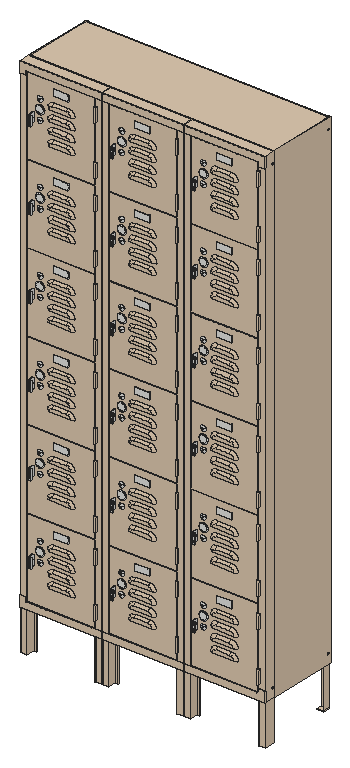
Revit family "Metal_Lockers-Salsbury_Industries-65000_66000_Series-3_Wide_Units", category Specialty Equipment, Revit 2016
Family settings
  Part Type = Normal
  Round Connector Dimension = Use Diameter
  OmniClass Number = 23.40.00.00
  OmniClass Title = Equipment and Furnishings
  Work Plane-Based = No
  Always vertical = Yes
  Cut with Voids When Loaded = No
  Shared = No
  Room Calculation Point = No
Parameters (values of type "66362 - with Standard 6" High Legs")
  Zee Base Corner - Right Side [instance] = Metal Locker Zee Base Corner : None
  Zee Base Corner - Left Side [instance] = Metal Locker Zee Base Corner : None
  Zee Base - Right Side [instance] = Metal Locker Zee Base-Right Side : None
  Zee Base - Left Side [instance] = Metal Locker Zee Base-Left Side : None
  Zee Base = Metal Locker Zee Base - 3 Wide : None
  Width = 36.040"
  Version = "2.0 (06/30/17)"
  Unit Height including Sloping Hood Only [instance] = 78.625"
  Unit Height = 72.000"
  URL = "www.lockers.com"
  Type Comments = "Standard Metal Lockers - Six Tier"
  Total Door(s) Height [instance] = 69.81949"
  Top Row of Doors = yes
  Top Compartment Divider = yes
  Sloping Top In-Line Filler - Right Side [instance] = Metal Locker Sloping Top Filler : None
  Sloping Top In-Line Filler - Left Side [instance] = Metal Locker Sloping Top Filler : None
  Sloping Top Corner Filler - Right Side [instance] = Metal Locker Sloping Corner Filler : None
  Sloping Top Corner Filler - Left Side [instance] = Metal Locker Sloping Corner Filler : None
  Sloping Hood Height = if(Depth = 12.010", 6.625", if(Depth = 15.010", 8.682", if(Depth = 18.010", 10.739", 0.000")))  # 6.625"
  Sloping Hood = Metal Locker Sloping Hood : None
  Compartment Divider Height = Individual Door Height - 0.375"  # 11.157"
  Right Side Base [instance] = Metal Locker Right Side Base : None
  Primary Structure Material [instance] = Paint - Salsbury Finish - Tan
  Overall Width including Rivets [instance] = 36.120"
  Unit Height including Base Only [instance] = 78.000"
  Overall Unit Height (including Base and Sloping Hood) [instance] = 84.625"
  OmniClass 23 Title = "Equipment and Furnishings"
  OmniClass 23 Number = "23.40.00.00"
  Model = "66362"
  MasterFormat Title = "Lockers"
  MasterFormat Number = "10 51 13"
  Manufacturer = "Salsbury Industries"
  Left Side Base [instance] = Metal Locker Left Side Base : None
  Individual Door Height = 11.532"
  Hasp Plate Rivet Material = Steel -Salsbury Finish - Polished Steel
  Hasp Handle Material = Plastic - Salsbury Finish - Black
  Front Vertical Filler - Right [instance] = Metal Locker Front Filler : None
  Front Vertical Filler - Left [instance] = Metal Locker Front Filler : None
  Front Base [instance] = Metal Locker Front Base : None
  Flat Top In-Line Filler - Right Side [instance] = Metal Locker Flat Top Filler : None
  Flat Top In-Line Filler - Left Side [instance] = Metal Locker Flat Top Filler : None
  Flat Top Corner Filler - Right Side [instance] = Metal Locker Flat Corner Filler : None
  Flat Top Corner Filler - Left Side [instance] = Metal Locker Flat Corner Filler : None
  Individual Door Width [instance] = 33.90055"
  End Panel - Right Side [instance] = Metal Locker End Panel : None
  End Panel - Left Side [instance] = Metal Locker End Panel : None
  Door Location D1 = Metal Locker Doors-12 inch with Latch Hasps : Six Tier Door - 6 foot
  Description = "3 Wide - 6 Feet High - 12 Inches Deep"
  Depth = 12.010"
  Base Height = 6.000"
  Standard Leg Base = Metal Locker Legs - 3 Wide : 6" High - 36" W x 12" D
  Assembly Code = "C1030310"
Reference planes (in)
  plane 1 "Center (Front/Back)": y = 0
  plane 2: z = 0
  plane 3 "Center (Left/Right)": x = 0
  plane 4 "Floor": z = 0
  plane 5 "Bottom of Unit": z = 6
  plane 6 "Top of Unit": z = 78
  plane 7 "Left Side of Unit": x = -18.02
  plane 8 "Right Side of Unit": x = 18.02
  plane 9 "Back of Unit": y = 6.005
  plane 10 "Front of Unit": y = -6.005
  plane 11 "Top of Sloping Hood": z = 84.625
  plane 12 "Left Rivet": x = -18.06
  plane 13 "Right Rivet": x = 18.06
  plane 14 "Right Side of Door Opening": x = 17.02
  plane 15 "Left Side of Door Opening": x = -17.02
  plane 16 "Top of Door Opening": z = 77
  plane 17 "Bottom of Door Opening": z = 7
  plane 18 "Back Edge of Front Facing": y = -4.417
  plane 19 "Front Plate Plane": y = -6.065
  plane 20 "Horizontal Center of Top Rivets": z = 76.5
  plane 21 "Horiz Center of Bottom Rivets": z = 7.5
  plane 22 "Vertical Center of Back Rivets": y = 5.505
  plane 23 "Vertical Center of Front Rivets": y = -4.755
  plane 24 "Right Align Top Filler Overlap": x = 17.435
  plane 25 "Left Align Top Filler Overlap": x = -17.435
  plane 26 "Corner Filler Align-Left": x = -18.08
  plane 27 "Corner Filler Align-Right": x = 18.08
  plane 28 "Right Side of Door": x = 16.95026
  plane 29 "Top of Door 1": z = 76.90976
  plane 30 "Bottom of Bottom Door": z = 7.09027
  plane 31 "Zee Base Offset": x = -17.669
  plane 32: x = 17.669
  plane 33 "Compartment Align 3": z = 19.157
  plane 34: x = -17.96
  plane 35: x = 17.96
  plane 36: x = -17.635
  plane 37: x = 17.635
  plane 38: y = 5.945
  plane 39: y = 5.895
  plane 40: y = 5.145
  plane 41: x = -17.9
  plane 42: x = 17.9
  plane 43: x = -17.095
  plane 44: x = 17.095
  plane 45: z = 77.94
  plane 46: z = 19.097
  plane 47: z = 18.157
  plane 48: z = 6.9204
  plane 49: z = 6.18539
  plane 50: z = 76.40796
  plane 51: z = 7.59204
  plane 52 "Right Side of Center Unit": x = 6.00667
  plane 53 "Left Side of Center Unit": x = -6.00667
  plane 54: x = 6.98167
  plane 55 "Left Side of Door Opening-Right Door": x = 7.00667
  plane 56: x = 5.03167
  plane 57 "Right Side of Door Opening-Center Door": x = 5.00667
  plane 58 "Right Side of Door - Center Door": x = 4.93667
  plane 59: x = -5.03167
  plane 60 "Left Side of Door Opening - Center Door": x = -5.00667
  plane 61: x = -6.98167
  plane 62 "Right Side of Door Opening - Left Door": x = -7.00667
  plane 63 "Right Side of Door - Left Door": x = -7.07667
  plane 64: z = 18.157
  plane 65 "Top of Door Row 3": z = 18.62227
  plane 66 "Bottom of Door Row 2": z = 18.74776
  plane 67 "Top of Door Row 2": z = 30.27976
  plane 68: z = 30.40676
  plane 69 "Compartment Align 2": z = 30.77927
  plane 70: z = 30.71927
  plane 71: z = 29.77927
  plane 72: z = 53.22076
  plane 73: z = 41.93876
  plane 74: z = 42.06376
  plane 75: z = 41.43676
  plane 76: z = 42.37676
  plane 77 "Compartment Align 1": z = 42.43676
  plane 78: z = 70.70625
  plane 79: z = 53.59576
  plane 80: z = 53.72076
  plane 81: z = 65.25276
  plane 82: z = 65.37776
  plane 83: z = 53.09576
  plane 84: z = 54.03576
  plane 85: z = 54.09576
  plane 86: z = 64.75276
  plane 87: z = 65.69276
  plane 88: z = 65.75276
  plane 89: z = 82.36525
  plane 90: z = 94.02225
Forms (in)
  Sweep 1, solid, material "Paint - Salsbury Finish - Tan" <- "Primary Structure Material"
    path origin (0, -6.005, 0) x (1, 0, 0) y (0, 0, 1)
      loop
        line (6.00667, 78) -> (6.00667, 6) -> (18.02, 6) -> (18.02, 78) -> (6.00667, 78)
    profile origin (12.01333, -6.005, 78) x (0, 0, 1) y (0, -1, 0)
      loop
        line (0, 0) -> (-1, 0) -> (-1, -1.588) -> (0, -1.588) -> (0, 0)
  Extrusion 2, solid, material "Paint - Salsbury Finish - Tan" <- "Primary Structure Material"
    sketch origin (0, 0, 6) x (0, -1, 0) y (1, 0, 0)
      loop
        line (4.417, 18.02) -> (-6.005, 18.02) -> (-6.005, 17.635) -> (-5.945, 17.635) -> (-5.945, 17.96) -> (4.417, 17.96) -> (4.417, 18.02)
    from 0 to 72
  Extrusion 3, solid, material "Paint - Salsbury Finish - Tan" <- "Primary Structure Material"
    sketch origin (0, 0, 6) x (0, -1, 0) y (1, 0, 0)
      loop
        line (4.417, -18.02) -> (4.417, -17.96) -> (-5.945, -17.96) -> (-5.945, -17.635) -> (-6.005, -17.635) -> (-6.005, -18.02) -> (4.417, -18.02)
    from 0 to 72
  Extrusion 4, solid, material "Paint - Salsbury Finish - Tan" <- "Primary Structure Material"
    sketch origin (0, 0, 6) x (0, -1, 0) y (1, 0, 0)
      loop
        line (-5.945, -17.96) -> (-5.145, -17.96) -> (-5.145, -17.9) -> (-5.895, -17.9) -> (-5.895, 17.9) -> (-5.145, 17.9) -> (-5.145, 17.96) -> (-5.945, 17.96) -> (-5.945, -17.96)
    from 0 to 72
  Sweep 5, solid, material "Paint - Salsbury Finish - Tan" <- "Primary Structure Material"
    path origin (0, 0, 7) x (0, -1, 0) y (1, 0, 0)
      loop
        line (4.417, -17.96) -> (4.417, 17.96) -> (-5.145, 17.96) -> (-5.145, 17.9) -> (-5.895, 17.9) -> (-5.895, -17.9) -> (-5.145, -17.9) -> (-5.145, -17.96) -> (4.417, -17.96)
    profile origin (-17.96, 0.364, 7) x (-1, 0, 0) y (0, 0, 1)
      loop
        line (0, -0.81461) -> (0, -0.0796) -> (-0.06, -0.0796) -> (-0.06, -0.81461) -> (0, -0.81461)
  Extrusion 6, solid, material "Paint - Salsbury Finish - Tan" <- "Primary Structure Material"
    sketch origin (0, 0, 7) x (0, -1, 0) y (1, 0, 0)
      loop
        line (-5.895, -17.9) -> (-5.145, -17.9) -> (-5.145, -17.96) -> (4.417, -17.96) -> (4.417, 17.96) -> (-5.145, 17.96) -> (-5.145, 17.9) -> (-5.895, 17.9) -> (-5.895, -17.9)
    from -0.0796 to 0
  Extrusion 7, solid, material "Paint - Salsbury Finish - Tan" <- "Primary Structure Material"
    sketch origin (0, 0, 78) x (0, -1, 0) y (1, 0, 0)
      loop
        line (-5.895, -17.9) -> (-5.145, -17.9) -> (-5.145, -17.96) -> (4.417, -17.96) -> (4.417, 17.96) -> (-5.145, 17.96) -> (-5.145, 17.9) -> (-5.895, 17.9) -> (-5.895, -17.9)
    from -0.06 to 0
  Extrusion 8, solid, material "Paint - Salsbury Finish - Tan" <- "Primary Structure Material"
    sketch origin (0, -6.065, 0) x (0, 0, -1) y (1, 0, 0)
      loop
        line (-78, -18.02) -> (-76.47656, -18.02)
        arc (-76.47656, -18.02) -> (-76.42806, -17.99991) -> (-76.40796, -17.9514) r 0.0686
        line (-76.40796, -17.9514) -> (-76.40796, -17.16351)
        arc (-76.40796, -17.16351) -> (-76.42809, -17.11506) -> (-76.47656, -17.095) r 0.0686
        line (-76.47656, -17.095) -> (-77, -17.095) -> (-77, 17.095) -> (-76.47656, 17.095)
        arc (-76.47656, 17.095) -> (-76.42809, 17.11506) -> (-76.40796, 17.16351) r 0.0686
        line (-76.40796, 17.16351) -> (-76.40796, 17.9514)
        arc (-76.40796, 17.9514) -> (-76.42806, 17.99991) -> (-76.47656, 18.02) r 0.0686
        line (-76.47656, 18.02) -> (-78, 18.02) -> (-78, -18.02)
    from -0.06 to 0
  Extrusion 9, solid, material "Paint - Salsbury Finish - Tan" <- "Primary Structure Material"
    sketch origin (0, -6.065, 84) x (0, 0, 1) y (-1, 0, 0)
      loop
        line (-78, 18.02) -> (-78, -18.02) -> (-76.47656, -18.02)
        arc (-76.47656, -18.02) -> (-76.42806, -17.99991) -> (-76.40796, -17.9514) r 0.0686
        line (-76.40796, -17.9514) -> (-76.40796, -17.16351)
        arc (-76.40796, -17.16351) -> (-76.42809, -17.11506) -> (-76.47656, -17.095) r 0.0686
        line (-76.47656, -17.095) -> (-77, -17.095) -> (-77, 17.095) -> (-76.47656, 17.095)
        arc (-76.47656, 17.095) -> (-76.42809, 17.11506) -> (-76.40796, 17.16351) r 0.0686
        line (-76.40796, 17.16351) -> (-76.40796, 17.9514)
        arc (-76.40796, 17.9514) -> (-76.42806, 17.99991) -> (-76.47656, 18.02) r 0.0686
        line (-76.47656, 18.02) -> (-78, 18.02)
    from -0.06 to 0
  Blend 10, solid, material "Steel -Salsbury Finish - Polished Steel" <- "Hasp Plate Rivet Material"
    base sketch origin (18.02, 0, 0) x (0, 0, -1) y (0, -1, 0)
      loop
        circle (-76.5, 4.755) r 0.187
    top sketch origin (18.02, 0, 0) x (0, 0, -1) y (0, -1, 0)
      loop
        circle (-76.5, 4.755) r 0.05319
    from 0 to -0.04
  Blend 11, solid, material "Steel -Salsbury Finish - Polished Steel" <- "Hasp Plate Rivet Material"
    base sketch origin (18.02, 0, -69) x (0, 0, -1) y (0, -1, 0)
      loop
        circle (-76.5, 4.755) r 0.187
    top sketch origin (18.02, 0, -69) x (0, 0, -1) y (0, -1, 0)
      loop
        circle (-76.5, 4.755) r 0.05319
    from 0 to -0.04
  Blend 12, solid, material "Steel -Salsbury Finish - Polished Steel" <- "Hasp Plate Rivet Material"
    base sketch origin (18.02, 10.26, -69) x (0, 0, -1) y (0, -1, 0)
      loop
        circle (-76.5, 4.755) r 0.187
    top sketch origin (18.02, 10.26, -69) x (0, 0, -1) y (0, -1, 0)
      loop
        circle (-76.5, 4.755) r 0.05319
    from 0 to -0.04
  Blend 13, solid, material "Steel -Salsbury Finish - Polished Steel" <- "Hasp Plate Rivet Material"
    base sketch origin (18.02, 10.26, 0.0043) x (0, 0, -1) y (0, -1, 0)
      loop
        circle (-76.5, 4.755) r 0.187
    top sketch origin (18.02, 10.26, 0.0043) x (0, 0, -1) y (0, -1, 0)
      loop
        circle (-76.5, 4.755) r 0.05319
    from 0 to -0.04
  Blend 14, solid, material "Steel -Salsbury Finish - Polished Steel" <- "Hasp Plate Rivet Material"
    base sketch origin (-6.02, 0, -69) x (0, 0, -1) y (0, 1, 0)
      loop
        circle (-76.5, -4.755) r 0.187
    top sketch origin (-6.02, 0, -69) x (0, 0, -1) y (0, 1, 0)
      loop
        circle (-76.5, -4.755) r 0.05319
    from -12 to -12.04
  Blend 15, solid, material "Steel -Salsbury Finish - Polished Steel" <- "Hasp Plate Rivet Material"
    base sketch origin (-6.02, 10.26, -69) x (0, 0, -1) y (0, 1, 0)
      loop
        circle (-76.5, -4.755) r 0.187
    top sketch origin (-6.02, 10.26, -69) x (0, 0, -1) y (0, 1, 0)
      loop
        circle (-76.5, -4.755) r 0.05319
    from -12 to -12.04
  Blend 16, solid, material "Steel -Salsbury Finish - Polished Steel" <- "Hasp Plate Rivet Material"
    base sketch origin (-6.02, 0, 0) x (0, 0, -1) y (0, 1, 0)
      loop
        circle (-76.5, -4.755) r 0.187
    top sketch origin (-6.02, 0, 0) x (0, 0, -1) y (0, 1, 0)
      loop
        circle (-76.5, -4.755) r 0.05319
    from -12 to -12.04
  Blend 17, solid, material "Steel -Salsbury Finish - Polished Steel" <- "Hasp Plate Rivet Material"
    base sketch origin (-6.02, 10.26, 0.00039) x (0, 0, -1) y (0, 1, 0)
      loop
        circle (-76.5, -4.755) r 0.187
    top sketch origin (-6.02, 10.26, 0.00039) x (0, 0, -1) y (0, 1, 0)
      loop
        circle (-76.5, -4.755) r 0.05319
    from -12 to -12.04
  Extrusion 18, solid, material "Paint - Salsbury Finish - Tan" <- "Primary Structure Material"
    sketch origin (0, 0, 19.157) x (0, -1, 0) y (1, 0, 0)
      loop
        line (-5.945, -17.9) -> (-5.145, -17.9) -> (-5.145, -17.96) -> (4.417, -17.96) -> (4.417, 17.96) -> (-5.145, 17.96) -> (-5.145, 17.9) -> (-5.945, 17.9) -> (-5.945, -17.9)
    from -0.06 to 0
  Sweep 19, solid, material "Paint - Salsbury Finish - Tan" <- "Primary Structure Material"
    path origin (0, 0, 19.157) x (0, -1, 0) y (1, 0, 0)
      loop
        line (4.417, -17.96) -> (4.417, 17.96) -> (-5.145, 17.96) -> (-5.145, 17.9) -> (-5.945, 17.9) -> (-5.945, -17.9) -> (-5.145, -17.9) -> (-5.145, -17.96) -> (4.417, -17.96)
    profile origin (-17.96, 0.364, 19.157) x (-1, 0, 0) y (0, 0, 1)
      loop
        line (0, -1) -> (0, -0.06) -> (-0.06, -0.06) -> (-0.06, -1) -> (0, -1)
  Sweep 20, solid, material "Paint - Salsbury Finish - Tan" <- "Primary Structure Material"
    path origin (-12.01333, -6.005, 0) x (1, 0, 0) y (0, 0, 1)
      loop
        line (6.00667, 78) -> (6.00667, 6) -> (18.02, 6) -> (18.02, 78) -> (6.00667, 78)
    profile origin (0, -6.005, 78) x (0, 0, 1) y (0, -1, 0)
      loop
        line (0, 0) -> (-1, 0) -> (-1, -1.588) -> (0, -1.588) -> (0, 0)
  Sweep 21, solid, material "Paint - Salsbury Finish - Tan" <- "Primary Structure Material"
    path origin (-24.02667, -6.005, 0) x (1, 0, 0) y (0, 0, 1)
      loop
        line (6.00667, 78) -> (6.00667, 6) -> (18.02, 6) -> (18.02, 78) -> (6.00667, 78)
    profile origin (-12.01333, -6.005, 78) x (0, 0, 1) y (0, -1, 0)
      loop
        line (0, 0) -> (-1, 0) -> (-1, -1.588) -> (0, -1.588) -> (0, 0)
  Extrusion 22, solid, material "Paint - Salsbury Finish - Tan" <- "Primary Structure Material"
    sketch origin (0, 0, 30.77927) x (0, -1, 0) y (1, 0, 0)
      loop
        line (-5.945, -17.9) -> (-5.145, -17.9) -> (-5.145, -17.96) -> (4.417, -17.96) -> (4.417, 17.96) -> (-5.145, 17.96) -> (-5.145, 17.9) -> (-5.945, 17.9) -> (-5.945, -17.9)
    from -0.06 to 0
  Sweep 23, solid, material "Paint - Salsbury Finish - Tan" <- "Primary Structure Material"
    path origin (0, 0, 30.77927) x (0, -1, 0) y (1, 0, 0)
      loop
        line (4.417, -17.96) -> (4.417, 17.96) -> (-5.145, 17.96) -> (-5.145, 17.9) -> (-5.945, 17.9) -> (-5.945, -17.9) -> (-5.145, -17.9) -> (-5.145, -17.96) -> (4.417, -17.96)
    profile origin (-17.96, 0.364, 30.77927) x (-1, 0, 0) y (0, 0, 1)
      loop
        line (0, -1) -> (0, -0.06) -> (-0.06, -0.06) -> (-0.06, -1) -> (0, -1)
  Extrusion 24, solid, material "Paint - Salsbury Finish - Tan" <- "Primary Structure Material"
    sketch origin (0, 0, 42.43676) x (0, -1, 0) y (1, 0, 0)
      loop
        line (-5.945, -17.9) -> (-5.145, -17.9) -> (-5.145, -17.96) -> (4.417, -17.96) -> (4.417, 17.96) -> (-5.145, 17.96) -> (-5.145, 17.9) -> (-5.945, 17.9) -> (-5.945, -17.9)
    from -0.06 to 0
  Sweep 25, solid, material "Paint - Salsbury Finish - Tan" <- "Primary Structure Material"
    path origin (0, 0, 42.43676) x (0, -1, 0) y (1, 0, 0)
      loop
        line (4.417, -17.96) -> (4.417, 17.96) -> (-5.145, 17.96) -> (-5.145, 17.9) -> (-5.945, 17.9) -> (-5.945, -17.9) -> (-5.145, -17.9) -> (-5.145, -17.96) -> (4.417, -17.96)
    profile origin (-17.96, 0.364, 42.43676) x (-1, 0, 0) y (0, 0, 1)
      loop
        line (0, -1) -> (0, -0.06) -> (-0.06, -0.06) -> (-0.06, -1) -> (0, -1)
  Extrusion 26, solid, material "Paint - Salsbury Finish - Tan" <- "Primary Structure Material"
    sketch origin (0, 0, 54.09576) x (0, -1, 0) y (1, 0, 0)
      loop
        line (-5.945, -17.9) -> (-5.145, -17.9) -> (-5.145, -17.96) -> (4.417, -17.96) -> (4.417, 17.96) -> (-5.145, 17.96) -> (-5.145, 17.9) -> (-5.945, 17.9) -> (-5.945, -17.9)
    from -0.06 to 0
  Sweep 27, solid, material "Paint - Salsbury Finish - Tan" <- "Primary Structure Material"
    path origin (0, 0, 54.09576) x (0, -1, 0) y (1, 0, 0)
      loop
        line (4.417, -17.96) -> (4.417, 17.96) -> (-5.145, 17.96) -> (-5.145, 17.9) -> (-5.945, 17.9) -> (-5.945, -17.9) -> (-5.145, -17.9) -> (-5.145, -17.96) -> (4.417, -17.96)
    profile origin (-17.96, 0.364, 54.09576) x (-1, 0, 0) y (0, 0, 1)
      loop
        line (0, -1) -> (0, -0.06) -> (-0.06, -0.06) -> (-0.06, -1) -> (0, -1)
  Extrusion 28, solid, material "Paint - Salsbury Finish - Tan" <- "Primary Structure Material", visible <- "Top Compartment Divider"
    sketch origin (0, 0, 65.75276) x (0, -1, 0) y (1, 0, 0)
      loop
        line (-5.945, -17.9) -> (-5.145, -17.9) -> (-5.145, -17.96) -> (4.417, -17.96) -> (4.417, 17.96) -> (-5.145, 17.96) -> (-5.145, 17.9) -> (-5.945, 17.9) -> (-5.945, -17.9)
    from -0.06 to 0
  Sweep 29, solid, material "Paint - Salsbury Finish - Tan" <- "Primary Structure Material", visible <- "Top Compartment Divider"
    path origin (0, 0, 65.75276) x (0, -1, 0) y (1, 0, 0)
      loop
        line (4.417, -17.96) -> (4.417, 17.96) -> (-5.145, 17.96) -> (-5.145, 17.9) -> (-5.945, 17.9) -> (-5.945, -17.9) -> (-5.145, -17.9) -> (-5.145, -17.96) -> (4.417, -17.96)
    profile origin (-17.96, 0.364, 65.75276) x (-1, 0, 0) y (0, 0, 1)
      loop
        line (0, -1) -> (0, -0.06) -> (-0.06, -0.06) -> (-0.06, -1) -> (0, -1)
Lines and regions (in)
  reference lines
    curve 1: line (-41.59242, -6.065, 78) -> (48.15758, -6.065, 78)
  symbolic lines
    curve 2: line (-18.02, 6.005, 78) -> (18.02, 6.005, 78)
    curve 3: line (-18.02, -6.065, 78) -> (-18.02, 6.005, 78)
    curve 4: line (18.02, -6.065, 78) -> (-18.02, -6.065, 78)
    curve 5: line (18.02, 6.005, 78) -> (18.02, -6.065, 78)
    curve 6: line (-18.06, -4.80819, 78) -> (-18.02, -4.91809, 78)
    curve 7: line (-18.02, -4.58043, 78) -> (-18.06, -4.70181, 78)
    curve 8: line (-18.06, -4.80819, 78) -> (-18.06, -4.70181, 78)
    curve 9: line (-18.06, 5.45181, 78) -> (-18.02, 5.31077, 78)
    curve 10: line (-18.06, 5.55819, 78) -> (-18.02, 5.68474, 78)
    curve 11: line (-18.06, 5.55819, 78) -> (-18.06, 5.45181, 78)
    curve 12: line (18.06, 5.55819, 78) -> (18.02, 5.70747, 78)
    curve 13: line (18.06, 5.45181, 78) -> (18.02, 5.3179, 78)
    curve 14: line (18.06, 5.55819, 78) -> (18.06, 5.45181, 78)
    curve 15: line (18.06, -4.70181, 78) -> (18.02, -4.57098, 78)
    curve 16: line (18.06, -4.80819, 78) -> (18.02, -4.94769, 78)
    curve 17: line (18.06, -4.70181, 78) -> (18.06, -4.80819, 78)
  model lines
    curve 18: line (6.00667, 6.005, 6) -> (6.00667, 6.005, 78)
    curve 19: line (-6.00667, 6.005, 6) -> (-6.00667, 6.005, 78)
    curve 20: line (-6.00667, 5.945, 78) -> (-6.00667, -6.065, 78)
    curve 21: line (6.00667, 5.945, 78) -> (6.00667, -6.065, 78)
Dimensions and locks (in)
  equal spacing: plane 7 "Left Side of Unit", plane 53 "Left Side of Center Unit", plane 52 "Right Side of Center Unit", plane 8 "Right Side of Unit"
  "Width": plane 7 "Left Side of Unit" to plane 8 "Right Side of Unit"
  "Base Height": plane 5 "Bottom of Unit" to plane 4 "Floor"
  "Unit Height": plane 6 "Top of Unit" to plane 5 "Bottom of Unit"
  "Unit Height including Base Only": plane 6 "Top of Unit" to plane 4 "Floor"
  equal spacing: plane 10 "Front of Unit", plane 1 "Center (Front/Back)", plane 9 "Back of Unit"
  "Depth": plane 10 "Front of Unit" to plane 9 "Back of Unit"
  "Sloping Hood Height": plane 11 "Top of Sloping Hood" to plane 6 "Top of Unit"
  "Overall Unit Height (including Base and Sloping Hood)": plane 11 "Top of Sloping Hood" to plane 4 "Floor"
  locked: plane 12 "Left Rivet" to plane 7 "Left Side of Unit" at 0.04
  locked: plane 8 "Right Side of Unit" to plane 13 "Right Rivet" at 0.04
  "Overall Width including Rivets": plane 12 "Left Rivet" to plane 13 "Right Rivet"
  plane 6 "Top of Unit" to plane 16 "Top of Door Opening" to plane 29 "Top of Door 1" to plane 50 = 1.000" locked, 0.09024", 0.5018"
  plane 51 to plane 30 "Bottom of Bottom Door" to plane 17 "Bottom of Door Opening" to plane 5 "Bottom of Unit" = 0.50177", 0.09027", 1.000" locked
  locked: plane 7 "Left Side of Unit" to plane 15 "Left Side of Door Opening" at 1
  plane 28 "Right Side of Door" to plane 14 "Right Side of Door Opening" to plane 8 "Right Side of Unit" = 0.06974", 1.000" locked
  plane 19 "Front Plate Plane" to plane 10 "Front of Unit" to plane 18 "Back Edge of Front Facing" = 0.060" locked, 1.588" locked
  "Unit Height including Sloping Hood Only": plane 11 "Top of Sloping Hood" to plane 5 "Bottom of Unit"
  locked: plane 20 "Horizontal Center of Top Rivets" to plane 6 "Top of Unit" at 1.5
  locked: plane 5 "Bottom of Unit" to plane 21 "Horiz Center of Bottom Rivets" at 1.5
  locked: plane 22 "Vertical Center of Back Rivets" to plane 9 "Back of Unit" at 0.5
  locked: plane 10 "Front of Unit" to plane 23 "Vertical Center of Front Rivets" at 1.25
  locked: plane 24 "Right Align Top Filler Overlap" to plane 13 "Right Rivet" at 0.625
  locked: plane 12 "Left Rivet" to plane 25 "Left Align Top Filler Overlap" at 0.625
  locked: plane 8 "Right Side of Unit" to plane 27 "Corner Filler Align-Right" at 0.06
  locked: plane 26 "Corner Filler Align-Left" to plane 7 "Left Side of Unit" at 0.06
  "Total Door(s) Height": plane 29 "Top of Door 1" to plane 30 "Bottom of Bottom Door"
  plane 7 "Left Side of Unit" to plane 31 "Zee Base Offset" = 0.351"
  plane 32 to plane 8 "Right Side of Unit" = 0.351"
  plane 33 "Compartment Align 3" to plane 46 to plane 64 = 0.060" locked, 0.940" locked
  plane 7 "Left Side of Unit" to plane 34 to plane 41 to plane 36 = 0.060" locked, 0.060" locked, 0.265" locked
  plane 37 to plane 42 to plane 35 to plane 8 "Right Side of Unit" = 0.265" locked, 0.060", 0.060"
  plane 40 to plane 39 to plane 38 to plane 9 "Back of Unit" = 0.750" locked, 0.050", 0.060"
  locked: plane 7 "Left Side of Unit" to plane 43 at 0.925
  locked: plane 44 to plane 8 "Right Side of Unit" at 0.925
  locked: plane 6 "Top of Unit" to plane 45 at 0.06
  plane 46 to plane 47 = 0.940"
  locked: plane 17 "Bottom of Door Opening" to plane 48 at 0.0796
  plane 48 to plane 49 = 0.73501"
  plane 58 "Right Side of Door - Center Door" to plane 57 "Right Side of Door Opening-Center Door" to plane 56 to plane 52 "Right Side of Center Unit" to plane 54 to plane 55 "Left Side of Door Opening-Right Door" = 0.070", 0.025", 0.975", 0.975", 0.025"
  plane 63 "Right Side of Door - Left Door" to plane 62 "Right Side of Door Opening - Left Door" to plane 61 to plane 53 "Left Side of Center Unit" to plane 59 to plane 60 "Left Side of Door Opening - Center Door" = 0.070", 0.025", 0.975", 0.975", 0.025"
  "Individual Door Height": plane 65 "Top of Door Row 3" to plane 30 "Bottom of Bottom Door"
  "Compartment Divider Height": plane 64 to plane 17 "Bottom of Door Opening"
  locked: plane 66 "Bottom of Door Row 2" to plane 65 "Top of Door Row 3" at 0.12549
  "Individual Door Height": plane 67 "Top of Door Row 2" to plane 66 "Bottom of Door Row 2"
  locked: plane 68 to plane 67 "Top of Door Row 2" at 0.127
  plane 69 "Compartment Align 2" to plane 70 to plane 71 = 0.060" locked, 0.940" locked
  "Compartment Divider Height": plane 71 to plane 65 "Top of Door Row 3"
  "Individual Door Height": plane 73 to plane 68
  locked: plane 74 to plane 73 at 0.125
  "Compartment Divider Height": plane 75 to plane 67 "Top of Door Row 2"
  plane 77 "Compartment Align 1" to plane 76 to plane 75 = 0.060" locked, 0.940" locked
  locked: plane 80 to plane 79 at 0.125
  locked: plane 82 to plane 81 at 0.125
  "Individual Door Height": plane 79 to plane 74
  "Individual Door Height": plane 81 to plane 80
  "Compartment Divider Height": plane 83 to plane 73
  "Compartment Divider Height": plane 86 to plane 79
  plane 85 to plane 84 to plane 83 = 0.060" locked, 0.940" locked
  plane 88 to plane 87 to plane 86 = 0.060" locked, 0.940" locked
  aligned and locked: level to plane 2
  aligned and locked: Extrusion 2 to plane 6 "Top of Unit"
  aligned and locked: Extrusion 3 to plane 6 "Top of Unit"
  aligned and locked: Extrusion 4 to plane 6 "Top of Unit"
  aligned and locked: Extrusion 8 to plane 10 "Front of Unit"
  aligned and locked: Extrusion 9 to plane 10 "Front of Unit"
  aligned and locked: Extrusion 6 to plane 17 "Bottom of Door Opening"
  aligned and locked: plane 4 "Floor" to nested 2
  aligned and locked: plane 5 "Bottom of Unit" to Extrusion 9
  aligned and locked: plane 8 "Right Side of Unit" to nested 6
  aligned and locked: plane 7 "Left Side of Unit" to nested 7
  aligned and locked: Blend 10 to plane 13 "Right Rivet"
  aligned and locked: plane 8 "Right Side of Unit" to Blend 10
  aligned and locked: Blend 15 to plane 7 "Left Side of Unit"
  aligned and locked: Blend 14 to plane 7 "Left Side of Unit"  (x2)
  aligned and locked: plane 12 "Left Rivet" to Blend 14
  aligned and locked: plane 12 "Left Rivet" to Blend 15
  aligned and locked: Blend 14 to plane 12 "Left Rivet"
  aligned and locked: Blend 17 to plane 7 "Left Side of Unit"
  aligned and locked: plane 12 "Left Rivet" to Blend 17
  aligned and locked: Blend 16 to plane 7 "Left Side of Unit"
  aligned and locked: plane 12 "Left Rivet" to Blend 16
  aligned and locked: plane 5 "Bottom of Unit" to nested 10
  aligned and locked: plane 13 "Right Rivet" to nested 10
  aligned and locked: plane 12 "Left Rivet" to nested 11
  aligned and locked: nested 11 to plane 10 "Front of Unit"
  aligned and locked: plane 13 "Right Rivet" to nested 12
  aligned and locked: plane 10 "Front of Unit" to nested 12
  aligned and locked: plane 6 "Top of Unit" to nested 12
  aligned and locked: plane 12 "Left Rivet" to nested 13
  aligned and locked: plane 10 "Front of Unit" to nested 13
  aligned and locked: plane 6 "Top of Unit" to nested 13
  aligned and locked: plane 6 "Top of Unit" to nested 14
  aligned and locked: nested 14 to plane 19 "Front Plate Plane"
  aligned and locked: nested 14 to plane 24 "Right Align Top Filler Overlap"
  aligned and locked: nested 15 to plane 25 "Left Align Top Filler Overlap"
  aligned and locked: nested 15 to plane 19 "Front Plate Plane"
  aligned and locked: nested 10 to nested 15
  aligned and locked: plane 19 "Front Plate Plane" to nested 16
  aligned and locked: plane 6 "Top of Unit" to nested 16
  aligned and locked: nested 17 to plane 6 "Top of Unit"
  aligned and locked: nested 17 to plane 19 "Front Plate Plane"
  aligned and locked: nested 18 to plane 24 "Right Align Top Filler Overlap"
  aligned and locked: nested 18 to plane 19 "Front Plate Plane"
  aligned and locked: plane 16 "Top of Door Opening" to nested 18
  aligned and locked: nested 19 to plane 16 "Top of Door Opening"
  aligned and locked: nested 19 to plane 25 "Left Align Top Filler Overlap"
  aligned and locked: nested 19 to plane 19 "Front Plate Plane"
  aligned and locked: nested 11 to plane 6 "Top of Unit"
  aligned and locked: plane 10 "Front of Unit" to nested 10
  aligned and locked: plane 10 "Front of Unit" to nested 22
  aligned and locked: plane 10 "Front of Unit" to nested 1
  aligned and locked: plane 10 "Front of Unit" to nested 2
  aligned and locked: plane 7 "Left Side of Unit" to nested 17
  aligned and locked: plane 31 "Zee Base Offset" to nested 9
  aligned and locked: plane 18 "Back Edge of Front Facing" to nested 9
  aligned and locked: nested 8 to plane 18 "Back Edge of Front Facing"
  aligned and locked: plane 32 to nested 8
  aligned and locked: nested 21 to curve 1
  aligned and locked: nested 20 to curve 1
  aligned and locked: Sweep 19 sketch curve to Extrusion 18
  aligned and locked: plane 7 "Left Side of Unit" to Extrusion 3
  aligned and locked: Extrusion 3 to plane 9 "Back of Unit"
  aligned and locked: Extrusion 2 to plane 8 "Right Side of Unit"
  aligned and locked: Extrusion 2 to plane 9 "Back of Unit"
  aligned and locked: plane 18 "Back Edge of Front Facing" to Extrusion 3
  aligned and locked: plane 18 "Back Edge of Front Facing" to Extrusion 2
  aligned and locked: plane 34 to Extrusion 3
  aligned and locked: plane 35 to Extrusion 2
  aligned and locked: plane 36 to Extrusion 3
  aligned and locked: plane 37 to Extrusion 2
  aligned and locked: Extrusion 3 to plane 38
  aligned and locked: plane 38 to Extrusion 2
  aligned and locked: Extrusion 4 to plane 38
  aligned and locked: Extrusion 4 to plane 39
  aligned and locked: plane 34 to Extrusion 4
  aligned and locked: plane 40 to Extrusion 4  (x2)
  aligned and locked: plane 41 to Extrusion 4
  aligned and locked: plane 42 to Extrusion 4
  aligned and locked: Extrusion 7 to plane 39
  aligned and locked: plane 41 to Extrusion 7
  aligned and locked: plane 34 to Extrusion 7  (x2)
  aligned and locked: Extrusion 7 to plane 40  (x2)
  aligned and locked: Extrusion 7 to plane 42
  aligned and locked: Extrusion 7 to plane 35  (x2)
  aligned and locked: plane 18 "Back Edge of Front Facing" to Extrusion 7
  aligned and locked: plane 18 "Back Edge of Front Facing" to Extrusion 6
  aligned and locked: Extrusion 6 to plane 39
  aligned and locked: Extrusion 6 to plane 42
  aligned and locked: Extrusion 6 to plane 40  (x2)
  aligned and locked: Extrusion 6 to plane 35
  aligned and locked: plane 41 to Extrusion 6
  aligned and locked: plane 34 to Extrusion 6
  aligned and locked: Sweep 5 to plane 39
  aligned and locked: Sweep 5 to plane 40  (x2)
  aligned and locked: Sweep 5 to plane 42
  aligned and locked: Sweep 5 to plane 35
  aligned and locked: plane 18 "Back Edge of Front Facing" to Sweep 5
  aligned and locked: plane 34 to Sweep 5
  aligned and locked: plane 41 to Sweep 5
  aligned and locked: Sweep 5 sketch curve to plane 41
  aligned and locked: Sweep 5 sketch curve to plane 39
  aligned and locked: plane 40 to Sweep 5 sketch curve  (x2)
  aligned and locked: Sweep 5 sketch curve to plane 34  (x2)
  aligned and locked: plane 42 to Sweep 5 sketch curve
  aligned and locked: plane 35 to Sweep 5 sketch curve
  aligned and locked: Sweep 5 sketch curve to plane 18 "Back Edge of Front Facing"
  aligned and locked: Extrusion 18 to plane 42
  aligned and locked: Extrusion 18 to plane 40  (x2)
  aligned and locked: Extrusion 18 to plane 35
  aligned and locked: plane 18 "Back Edge of Front Facing" to Extrusion 18
  aligned and locked: plane 34 to Extrusion 18
  aligned and locked: plane 41 to Extrusion 18
  aligned and locked: plane 42 to Sweep 19 sketch curve
  aligned and locked: plane 40 to Sweep 19 sketch curve  (x2)
  aligned and locked: plane 35 to Sweep 19 sketch curve
  aligned and locked: Sweep 19 sketch curve to plane 18 "Back Edge of Front Facing"
  aligned and locked: Sweep 19 sketch curve to plane 34  (x2)
  aligned and locked: Sweep 19 sketch curve to plane 41
  aligned and locked: plane 6 "Top of Unit" to Sweep 1 sketch curve  (x2)
  aligned and locked: plane 8 "Right Side of Unit" to Sweep 1 sketch curve
  aligned and locked: Sweep 1 sketch curve to plane 5 "Bottom of Unit"
  aligned and locked: plane 10 "Front of Unit" to Sweep 1
  aligned and locked: Extrusion 8 to plane 19 "Front Plate Plane"
  aligned and locked: plane 10 "Front of Unit" to Extrusion 8
  aligned and locked: Extrusion 8 to plane 8 "Right Side of Unit"
  aligned and locked: plane 7 "Left Side of Unit" to Extrusion 8
  aligned and locked: plane 7 "Left Side of Unit" to Extrusion 9
  aligned and locked: plane 19 "Front Plate Plane" to Extrusion 9
  aligned and locked: Extrusion 9 to plane 8 "Right Side of Unit"
  aligned and locked: plane 43 to Extrusion 9
  aligned and locked: plane 44 to Extrusion 9
  aligned and locked: plane 44 to Extrusion 8
  aligned and locked: Extrusion 8 to plane 43
  aligned and locked: plane 28 "Right Side of Door" to nested 22
  aligned and locked: plane 18 "Back Edge of Front Facing" to Sweep 1 sketch curve
  aligned and locked: Sweep 1 sketch curve to plane 16 "Top of Door Opening"
  aligned and locked: Sweep 1 sketch curve to plane 10 "Front of Unit"
  aligned and locked: plane 5 "Bottom of Unit" to Extrusion 4
  aligned and locked: Extrusion 4 to plane 35
  aligned and locked: plane 5 "Bottom of Unit" to Extrusion 3
  aligned and locked: plane 5 "Bottom of Unit" to Extrusion 2
  aligned and locked: Extrusion 7 to plane 6 "Top of Unit"
  aligned and locked: plane 45 to Extrusion 7
  aligned and locked: Extrusion 18 to plane 33 "Compartment Align 3"
  aligned and locked: Extrusion 18 to plane 46
  aligned and locked: plane 41 to Sweep 19 sketch curve
  aligned and locked: plane 47 to Sweep 19 sketch curve
  aligned and locked: Extrusion 6 to plane 48
  aligned and locked: Sweep 5 to plane 48
  aligned and locked: Sweep 5 sketch curve to plane 49
  aligned and locked: Sweep 5 sketch curve to plane 48
  aligned and locked: plane 41 to Sweep 5 sketch curve
  aligned and locked: plane 50 to Extrusion 8
  aligned and locked: Extrusion 8 to plane 50
  aligned and locked: Extrusion 8 to plane 6 "Top of Unit"
  aligned and locked: plane 16 "Top of Door Opening" to Extrusion 8
  aligned and locked: Extrusion 9 to plane 17 "Bottom of Door Opening"
  aligned and locked: plane 51 to Extrusion 9  (x2)
  aligned and locked: plane 4 "Floor" to nested 1
  aligned and locked: Blend 12 to plane 13 "Right Rivet"
  aligned and locked: plane 8 "Right Side of Unit" to Blend 12
  aligned and locked: plane 8 "Right Side of Unit" to Blend 13
  aligned and locked: Blend 13 to plane 13 "Right Rivet"
  aligned and locked: plane 8 "Right Side of Unit" to Blend 11
  aligned and locked: Blend 11 to plane 13 "Right Rivet"
  aligned and locked: nested 21 to curve 3
  aligned and locked: curve 4 to Extrusion 8
  aligned and locked: curve 5 to Extrusion 8
  aligned and locked: curve 8 to Blend 14
  aligned and locked: curve 11 to Blend 15
  aligned and locked: curve 14 to Blend 12
  aligned and locked: curve 17 to Blend 10
  aligned and locked: plane 8 "Right Side of Unit" to nested 20
  aligned and locked: plane 7 "Left Side of Unit" to nested 21
  aligned and locked: Sweep 1 sketch curve to plane 52 "Right Side of Center Unit"
  aligned and locked: plane 6 "Top of Unit" to Sweep 20 sketch curve
  aligned and locked: Sweep 20 sketch curve to plane 5 "Bottom of Unit"
  aligned and locked: Sweep 21 sketch curve to plane 5 "Bottom of Unit"
  aligned and locked: plane 53 "Left Side of Center Unit" to Sweep 21 sketch curve
  aligned and locked: Sweep 21 sketch curve to plane 7 "Left Side of Unit"
  aligned and locked: plane 6 "Top of Unit" to Sweep 21 sketch curve
  aligned and locked: Sweep 20 sketch curve to plane 53 "Left Side of Center Unit"
  aligned and locked: plane 52 "Right Side of Center Unit" to Sweep 20 sketch curve
  aligned and locked: plane 10 "Front of Unit" to nested 24
  aligned and locked: plane 18 "Back Edge of Front Facing" to Sweep 20 sketch curve
  aligned and locked: Sweep 20 sketch curve to plane 16 "Top of Door Opening"
  aligned and locked: profile plane to Sweep 20 sketch curve
  aligned and locked: Sweep 20 sketch curve to profile plane
  aligned and locked: profile plane to Sweep 21 sketch curve
  aligned and locked: plane 18 "Back Edge of Front Facing" to Sweep 21 sketch curve
  aligned and locked: Sweep 21 sketch curve to plane 16 "Top of Door Opening"
  aligned and locked: Sweep 21 sketch curve to profile plane
  aligned and locked: plane 58 "Right Side of Door - Center Door" to nested 23
  aligned and locked: plane 63 "Right Side of Door - Left Door" to nested 24
  aligned and locked: nested 23 to plane 30 "Bottom of Bottom Door"
  aligned and locked: nested 24 to plane 30 "Bottom of Bottom Door"
  aligned and locked: plane 4 "Floor" to nested 5
  aligned and locked: plane 8 "Right Side of Unit" to nested 5
  aligned and locked: plane 9 "Back of Unit" to nested 6
  aligned and locked: plane 9 "Back of Unit" to nested 7
  aligned and locked: plane 52 "Right Side of Center Unit" to curve 18
  aligned and locked: plane 53 "Left Side of Center Unit" to curve 19
  aligned and locked: plane 5 "Bottom of Unit" to curve 19
  aligned and locked: plane 5 "Bottom of Unit" to curve 18
  aligned and locked: plane 6 "Top of Unit" to curve 18
  aligned and locked: plane 6 "Top of Unit" to curve 19
  aligned and locked: curve 20 to Extrusion 4
  aligned and locked: curve 20 to Sweep 21
  aligned and locked: curve 21 to Sweep 20
  aligned and locked: Extrusion 4 to curve 21
  aligned and locked: Extrusion 8 to curve 20
  aligned and locked: plane 6 "Top of Unit" to nested 25
  aligned and locked: plane 19 "Front Plate Plane" to nested 25
  aligned and locked: plane 10 "Front of Unit" to nested 23
  aligned and locked: nested 22 to plane 30 "Bottom of Bottom Door"
  aligned and locked: Sweep 19 to plane 64
  aligned and locked: nested 26 to plane 66 "Bottom of Door Row 2"
  aligned and locked: nested 27 to plane 66 "Bottom of Door Row 2"
  aligned and locked: nested 28 to plane 66 "Bottom of Door Row 2"
  aligned and locked: plane 28 "Right Side of Door" to nested 26
  aligned and locked: plane 58 "Right Side of Door - Center Door" to nested 27
  aligned and locked: plane 63 "Right Side of Door - Left Door" to nested 28
  aligned and locked: plane 10 "Front of Unit" to nested 26
  aligned and locked: plane 10 "Front of Unit" to nested 27
  aligned and locked: plane 10 "Front of Unit" to nested 28
  aligned and locked: plane 68 to nested 29
  aligned and locked: nested 30 to plane 68
  aligned and locked: nested 31 to plane 68
  aligned and locked: Extrusion 22 to Sweep 23 sketch curve
  aligned and locked: plane 70 to Extrusion 22
  aligned and locked: Extrusion 22 to plane 69 "Compartment Align 2"
  aligned and locked: Sweep 23 sketch curve to plane 71
  aligned and locked: plane 28 "Right Side of Door" to nested 29
  aligned and locked: plane 58 "Right Side of Door - Center Door" to nested 30
  aligned and locked: plane 63 "Right Side of Door - Left Door" to nested 31
  aligned and locked: plane 10 "Front of Unit" to nested 29
  aligned and locked: plane 10 "Front of Unit" to nested 30
  aligned and locked: plane 10 "Front of Unit" to nested 31
  aligned and locked: Sweep 23 to Extrusion 22  (x2)
  aligned and locked: plane 18 "Back Edge of Front Facing" to Extrusion 22
  aligned and locked: Extrusion 22 to nested 5  (x2)
  aligned and locked: Extrusion 22 to Sweep 23  (x2)
  aligned and locked: Sweep 23 sketch curve to plane 18 "Back Edge of Front Facing"
  aligned and locked: plane 35 to Sweep 23 sketch curve
  aligned and locked: plane 42 to Sweep 23 sketch curve
  aligned and locked: Sweep 23 sketch curve to plane 34
  aligned and locked: Sweep 23 sketch curve to plane 41
  aligned and locked: Sweep 23 sketch curve to plane 38
  aligned and locked: plane 74 to nested 32
  aligned and locked: nested 33 to plane 74
  aligned and locked: nested 34 to plane 74
  aligned and locked: plane 28 "Right Side of Door" to nested 32
  aligned and locked: plane 58 "Right Side of Door - Center Door" to nested 33
  aligned and locked: plane 63 "Right Side of Door - Left Door" to nested 34
  aligned and locked: plane 10 "Front of Unit" to nested 32
  aligned and locked: plane 10 "Front of Unit" to nested 33
  aligned and locked: plane 10 "Front of Unit" to nested 34
  aligned and locked: Extrusion 24 to Sweep 25 sketch curve
  aligned and locked: Sweep 25 to Extrusion 24  (x2)
  aligned and locked: Extrusion 24 to Sweep 25  (x2)
  aligned and locked: Extrusion 24 to plane 77 "Compartment Align 1"
  aligned and locked: plane 76 to Extrusion 24
  aligned and locked: Extrusion 24 to plane 38
  aligned and locked: plane 18 "Back Edge of Front Facing" to Extrusion 24
  aligned and locked: plane 41 to Extrusion 24
  aligned and locked: Extrusion 24 to plane 42
  aligned and locked: Extrusion 24 to plane 35
  aligned and locked: Sweep 25 sketch curve to plane 34
  aligned and locked: Sweep 25 sketch curve to plane 41
  aligned and locked: Sweep 25 sketch curve to plane 18 "Back Edge of Front Facing"
  aligned and locked: plane 35 to Sweep 25 sketch curve
  aligned and locked: plane 42 to Sweep 25 sketch curve
  aligned and locked: Sweep 25 sketch curve to plane 38
  aligned and locked: Sweep 25 sketch curve to plane 75
  aligned and locked: plane 28 "Right Side of Door" to nested 38
  aligned and locked: plane 58 "Right Side of Door - Center Door" to nested 39
  aligned and locked: plane 63 "Right Side of Door - Left Door" to nested 40
  aligned and locked: nested 35 to plane 80
  aligned and locked: nested 36 to plane 80
  aligned and locked: nested 37 to plane 80
  aligned and locked: nested 38 to plane 82
  aligned and locked: nested 39 to plane 82
  aligned and locked: nested 40 to plane 82
  aligned and locked: plane 28 "Right Side of Door" to nested 35
  aligned and locked: plane 58 "Right Side of Door - Center Door" to nested 36
  aligned and locked: plane 63 "Right Side of Door - Left Door" to nested 37
  aligned and locked: plane 10 "Front of Unit" to nested 38
  aligned and locked: plane 10 "Front of Unit" to nested 35
  aligned and locked: plane 10 "Front of Unit" to nested 39
  aligned and locked: plane 10 "Front of Unit" to nested 36
  aligned and locked: plane 10 "Front of Unit" to nested 37
  aligned and locked: plane 10 "Front of Unit" to nested 40
  aligned and locked: Sweep 27 to Extrusion 26  (x2)
  aligned and locked: Extrusion 26 to Sweep 27  (x2)
  aligned and locked: Sweep 29 to Extrusion 28  (x2)
  aligned and locked: Extrusion 28 to Sweep 29  (x2)
  aligned and locked: Extrusion 26 to plane 85
  aligned and locked: plane 84 to Extrusion 26
  aligned and locked: Extrusion 28 to plane 88
  aligned and locked: plane 87 to Extrusion 28
  aligned and locked: Sweep 29 sketch curve to plane 86
  aligned and locked: plane 87 to Sweep 29 sketch curve
  aligned and locked: plane 84 to Sweep 27 sketch curve
  aligned and locked: Sweep 27 sketch curve to plane 83
  aligned and locked: Extrusion 28 to plane 38
  aligned and locked: plane 41 to Extrusion 28
  aligned and locked: plane 34 to Extrusion 28 sketch curve
  aligned and locked: plane 18 "Back Edge of Front Facing" to Extrusion 28 sketch curve
  aligned and locked: Extrusion 28 sketch curve to plane 35
  aligned and locked: Extrusion 28 sketch curve to plane 42
  aligned and locked: Sweep 29 sketch curve to plane 38
  aligned and locked: Sweep 29 sketch curve to plane 41
  aligned and locked: Sweep 29 sketch curve to plane 34
  aligned and locked: Sweep 29 sketch curve to plane 18 "Back Edge of Front Facing"
  aligned and locked: plane 35 to Sweep 29 sketch curve
  aligned and locked: plane 42 to Sweep 29 sketch curve
  aligned and locked: Extrusion 26 sketch curve to plane 38
  aligned and locked: plane 41 to Extrusion 26 sketch curve
  aligned and locked: plane 34 to Extrusion 26 sketch curve
  aligned and locked: plane 18 "Back Edge of Front Facing" to Extrusion 26 sketch curve
  aligned and locked: Extrusion 26 sketch curve to plane 35
  aligned and locked: Extrusion 26 sketch curve to plane 42
  aligned and locked: Sweep 27 sketch curve to plane 38
  aligned and locked: Sweep 27 sketch curve to plane 41
  aligned and locked: Sweep 27 sketch curve to plane 34
  aligned and locked: Sweep 27 sketch curve to plane 18 "Back Edge of Front Facing"
  aligned and locked: plane 42 to Sweep 27 sketch curve
  aligned and locked: Extrusion 28 sketch curve to plane 38
  aligned and locked: Extrusion 28 sketch curve to plane 40  (x2)
  aligned and locked: plane 40 to Sweep 29 sketch curve  (x2)
  aligned and locked: Extrusion 26 sketch curve to plane 40  (x2)
  aligned and locked: plane 40 to Sweep 27 sketch curve  (x2)
  aligned and locked: Extrusion 24 sketch curve to plane 38
  aligned and locked: Extrusion 24 sketch curve to plane 40  (x2)
  aligned and locked: plane 40 to Sweep 25 sketch curve  (x2)
  aligned and locked: Extrusion 22 sketch curve to plane 38
  aligned and locked: Extrusion 22 sketch curve to plane 40  (x2)
  aligned and locked: plane 40 to Sweep 23 sketch curve  (x2)
  aligned and locked: Extrusion 18 to plane 38
  aligned and locked: Extrusion 18 sketch curve to plane 40  (x2)
  aligned and locked: Sweep 19 sketch curve to plane 38
  aligned and locked: plane 9 "Back of Unit" to curve 2
Automatic sketch dimensions
  Extrusion 2 sketch curve to plane 8 "Right Side of Unit" = 0.000"
  plane 9 "Back of Unit" to Extrusion 2 sketch curve = 0.000"
  Extrusion 2 sketch curve to plane 37 = 0.000"
  plane 38 to Extrusion 2 sketch curve = 0.000"
  plane 18 "Back Edge of Front Facing" to Extrusion 2 sketch curve = 0.000"
  Extrusion 2 sketch curve to plane 35 = 0.000"
  Extrusion 3 sketch curve to plane 7 "Left Side of Unit" = 0.000"
  plane 9 "Back of Unit" to Extrusion 3 sketch curve = 0.000"
  Extrusion 3 sketch curve to plane 36 = 0.000"
  Extrusion 3 sketch curve to plane 38 = 0.000"
  plane 18 "Back Edge of Front Facing" to Extrusion 3 sketch curve = 0.000"
  Extrusion 3 sketch curve to plane 34 = 0.000"
  Extrusion 4 sketch curve to plane 34 = 0.000"
  Extrusion 4 sketch curve to plane 38 = 0.000"
  Extrusion 4 sketch curve to plane 39 = 0.000"
  plane 40 to Extrusion 4 sketch curve = 0.000"
  Extrusion 4 sketch curve to plane 40 = 0.000"
  Extrusion 4 sketch curve to plane 41 = 0.000"
  Extrusion 4 sketch curve to plane 42 = 0.000"
  Extrusion 4 sketch curve to plane 35 = 0.000"
  Extrusion 6 sketch curve to plane 39 = 0.000"
  Extrusion 6 sketch curve to plane 34 = 0.000"
  Extrusion 6 sketch curve to plane 40 = 0.000"
  plane 40 to Extrusion 6 sketch curve = 0.000"
  plane 18 "Back Edge of Front Facing" to Extrusion 6 sketch curve = 0.000"
  Extrusion 6 sketch curve to plane 41 = 0.000"
  Extrusion 6 sketch curve to plane 42 = 0.000"
  Extrusion 6 sketch curve to plane 35 = 0.000"
  Extrusion 7 sketch curve to plane 39 = 0.000"
  Extrusion 7 sketch curve to plane 34 = 0.000"
  Extrusion 7 sketch curve to plane 40 = 0.000"
  plane 40 to Extrusion 7 sketch curve = 0.000"
  plane 18 "Back Edge of Front Facing" to Extrusion 7 sketch curve = 0.000"
  Extrusion 7 sketch curve to plane 41 = 0.000"
  Extrusion 7 sketch curve to plane 42 = 0.000"
  Extrusion 7 sketch curve to plane 35 = 0.000"
  Extrusion 8 sketch curve to plane 6 "Top of Unit" = 0.000"
  Extrusion 8 sketch curve to plane 16 "Top of Door Opening" = 0.000"
  plane 43 to Extrusion 8 sketch curve = 0.000"
  plane 7 "Left Side of Unit" to Extrusion 8 sketch curve = 0.000"
  plane 44 to Extrusion 8 sketch curve = 0.000"
  plane 8 "Right Side of Unit" to Extrusion 8 sketch curve = 0.000"
  Extrusion 8 sketch curve to plane 50 = 0.000"  (x2)
  plane 20 "Horizontal Center of Top Rivets" to Extrusion 8 sketch curve = 0.02344"  (x4)
  Extrusion 8 sketch curve to Extrusion 8 sketch curve = 0.0686"
  Extrusion 8 sketch curve to plane 44 = 0.06851"
  Extrusion 9 sketch curve to plane 5 "Bottom of Unit" = 0.000"
  Extrusion 9 sketch curve to plane 17 "Bottom of Door Opening" = 0.000"
  plane 43 to Extrusion 9 sketch curve = 0.000"
  plane 7 "Left Side of Unit" to Extrusion 9 sketch curve = 0.000"
  plane 44 to Extrusion 9 sketch curve = 0.000"
  plane 8 "Right Side of Unit" to Extrusion 9 sketch curve = 0.000"
  Extrusion 9 sketch curve to plane 51 = 0.000"  (x2)
  plane 21 "Horiz Center of Bottom Rivets" to Extrusion 9 sketch curve = 0.02344"  (x4)
  Extrusion 9 sketch curve to Extrusion 9 sketch curve = 0.0686"
  plane 44 to Extrusion 9 sketch curve = 0.06851"
  plane 20 "Horizontal Center of Top Rivets" to Blend 10 sketch curve = 0.000"  (x2)
  Blend 10 sketch curve to plane 23 "Vertical Center of Front Rivets" = 0.000"  (x2)
  plane 21 "Horiz Center of Bottom Rivets" to Blend 11 sketch curve = 0.000"  (x2)
  Blend 11 sketch curve to plane 23 "Vertical Center of Front Rivets" = 0.000"  (x2)
  plane 21 "Horiz Center of Bottom Rivets" to Blend 12 sketch curve = 0.000"  (x2)
  Blend 12 sketch curve to plane 22 "Vertical Center of Back Rivets" = 0.000"  (x2)
  Blend 13 sketch curve to plane 22 "Vertical Center of Back Rivets" = 0.000"  (x2)
  Blend 13 sketch curve to plane 20 "Horizontal Center of Top Rivets" = 0.0043"  (x2)
  plane 21 "Horiz Center of Bottom Rivets" to Blend 14 sketch curve = 0.000"  (x2)
  Blend 14 sketch curve to plane 23 "Vertical Center of Front Rivets" = 0.000"  (x2)
  plane 21 "Horiz Center of Bottom Rivets" to Blend 15 sketch curve = 0.000"  (x2)
  Blend 15 sketch curve to plane 22 "Vertical Center of Back Rivets" = 0.000"  (x2)
  plane 20 "Horizontal Center of Top Rivets" to Blend 16 sketch curve = 0.000"  (x2)
  Blend 16 sketch curve to plane 23 "Vertical Center of Front Rivets" = 0.000"  (x2)
  Blend 17 sketch curve to plane 22 "Vertical Center of Back Rivets" = 0.000"  (x2)
  Blend 17 sketch curve to plane 20 "Horizontal Center of Top Rivets" = 0.00039"  (x2)
  plane 19 "Front Plate Plane" to curve 1 = 0.000"
  plane 26 "Corner Filler Align-Left" to curve 1 = 23.51242"
  curve 1 to plane 27 "Corner Filler Align-Right" = 30.07758"
  Extrusion 18 sketch curve to plane 39 = 0.050"
  Extrusion 18 sketch curve to plane 34 = 0.000"
  plane 18 "Back Edge of Front Facing" to Extrusion 18 sketch curve = 0.000"
  Extrusion 18 sketch curve to plane 41 = 0.000"
  Extrusion 18 sketch curve to plane 42 = 0.000"
  Extrusion 18 sketch curve to plane 35 = 0.000"
  curve 11 to plane 22 "Vertical Center of Back Rivets" = 0.05319"
  curve 14 to plane 22 "Vertical Center of Back Rivets" = 0.05319"
  plane 22 "Vertical Center of Back Rivets" to curve 13 = 0.05319"
  plane 22 "Vertical Center of Back Rivets" to curve 9 = 0.05319"
  curve 15 to plane 23 "Vertical Center of Front Rivets" = 0.05319"
  curve 8 to plane 23 "Vertical Center of Front Rivets" = 0.05319"
  plane 23 "Vertical Center of Front Rivets" to curve 6 = 0.05319"
  plane 23 "Vertical Center of Front Rivets" to curve 16 = 0.05319"
  curve 12 to curve 12 = 0.14928"
  curve 10 to curve 10 = 0.12655"
  curve 13 to curve 13 = 0.13391"
  curve 9 to curve 9 = 0.14104"
  curve 15 to curve 15 = 0.13083"
  curve 7 to curve 7 = 0.12138"
  curve 6 to curve 6 = 0.1099"
  curve 16 to curve 16 = 0.1395"
  Extrusion 22 sketch curve to plane 34 = 0.000"
  plane 18 "Back Edge of Front Facing" to Extrusion 22 sketch curve = 0.000"
  Extrusion 22 sketch curve to plane 41 = 0.000"
  Extrusion 22 sketch curve to plane 42 = 0.000"
  Extrusion 22 sketch curve to plane 35 = 0.000"
  Sweep 23 sketch curve to profile plane = 0.000"
  profile plane to Sweep 23 sketch curve = 0.060"
  Extrusion 24 sketch curve to plane 34 = 0.000"
  plane 18 "Back Edge of Front Facing" to Extrusion 24 sketch curve = 0.000"
  Extrusion 24 sketch curve to plane 41 = 0.000"
  Extrusion 24 sketch curve to plane 42 = 0.000"
  Extrusion 24 sketch curve to plane 35 = 0.000"
  Sweep 25 sketch curve to profile plane = 0.000"
  profile plane to Sweep 25 sketch curve = 0.060"
  Sweep 27 sketch curve to plane 35 = 0.000"
  Sweep 27 sketch curve to profile plane = 0.000"
  profile plane to Sweep 27 sketch curve = 0.060"
  Sweep 29 sketch curve to profile plane = 0.000"
  profile plane to Sweep 29 sketch curve = 0.060"
  Extrusion 28 sketch curve to plane 41 = 0.000"
  radius of Blend 10 sketch curve = 0.187"
  radius of Blend 10 sketch curve = 0.05319"
  radius of Blend 11 sketch curve = 0.187"
  radius of Blend 11 sketch curve = 0.05319"
  radius of Blend 12 sketch curve = 0.187"
  radius of Blend 12 sketch curve = 0.05319"
  radius of Blend 13 sketch curve = 0.187"
  radius of Blend 13 sketch curve = 0.05319"
  radius of Blend 14 sketch curve = 0.187"
  radius of Blend 14 sketch curve = 0.05319"
  radius of Blend 15 sketch curve = 0.187"
  radius of Blend 15 sketch curve = 0.05319"
  radius of Blend 16 sketch curve = 0.187"
  radius of Blend 16 sketch curve = 0.05319"
  radius of Blend 17 sketch curve = 0.187"
  radius of Blend 17 sketch curve = 0.05319"
Nested families (in)
  nested 1: "Metal Locker Legs - 3 Wide" at (0, 0, 0), type <- "Standard Leg Base", type "6" High - 36" W x 12" D"
  nested 2: "Metal Locker Front Base" at (0, 0, 0), type <- "Front Base", type "None"
  nested 3: "Metal Locker Right Side Base" at (0, 0.794, 0), type <- "Right Side Base", type "None"
  nested 4: "Metal Locker Left Side Base" at (-10.79, 0.794, 0), type <- "Left Side Base", type "None"
  nested 5: "Metal Locker Zee Base - 3 Wide" at (0, 0, 0), type <- "Zee Base", type "None"
  nested 6: "Metal Locker Zee Base-Right Side" at (12.03, 0.824, 0), type <- "Zee Base - Right Side", type "None"
  nested 7: "Metal Locker Zee Base-Left Side" at (-20.01, 0.824, 0), type <- "Zee Base - Left Side", type "None"
  nested 8: "Metal Locker Zee Base Corner" at (18.669, -5.417, 0), type <- "Zee Base Corner - Right Side", type "None"
  nested 9: "Metal Locker Zee Base Corner" at (-18.669, -5.417, 0) x (-1, 0, 0) z (0, 0, 1), type <- "Zee Base Corner - Left Side", type "None"
  nested 10: "Metal Locker End Panel" at (22.1925, 2.167, 6), type <- "End Panel - Right Side", type "None"
  nested 11: "Metal Locker End Panel" at (-22.1925, 2.167, 6) x (-1, 0, 0) z (0, 0, 1), type <- "End Panel - Left Side", type "None"
  nested 12: "Metal Locker Front Filler" at (30.155, -3.088, 0), type <- "Front Vertical Filler - Right", type "None"
  nested 13: "Metal Locker Front Filler" at (-20.965, -3.088, 0), type <- "Front Vertical Filler - Left", type "None"
  nested 14: "Metal Locker Flat Top Filler" at (30.155, 2.113, 77.045), type <- "Flat Top In-Line Filler - Right Side", type "None"
  nested 15: "Metal Locker Flat Top Filler" at (-20.965, 2.113, 77.045), type <- "Flat Top In-Line Filler - Left Side", type "None"
  nested 16: "Metal Locker Flat Corner Filler" at (16.3025, 1.7895, 78), type <- "Flat Top Corner Filler - Right Side", type "None"
  nested 17: "Metal Locker Flat Corner Filler" at (-28.3025, 1.7895, 78) x (-1, 0, 0) z (0, 0, 1), type <- "Flat Top Corner Filler - Left Side", type "None"
  nested 18: "Metal Locker Sloping Top Filler" at (30.155, 2.113, 78.028), type <- "Sloping Top In-Line Filler - Right Side", type "None"
  nested 19: "Metal Locker Sloping Top Filler" at (-20.965, 2.113, 78.028), type <- "Sloping Top In-Line Filler - Left Side", type "None"
  nested 20: "Metal Locker Sloping Corner Filler" at (25.9095, -4.9375, 77.71202) x (0, -1, 0) z (0, 0, 1), type <- "Sloping Top Corner Filler - Right Side", type "None"
  nested 21: "Metal Locker Sloping Corner Filler" at (-19.1475, 1.8245, 77.71223), type <- "Sloping Top Corner Filler - Left Side", type "None"
  nested 22: "Metal Locker Doors-12 inch with Latch Hasps" at (11.99976, -5.555, 7.09027), type <- "Door Location D1", type "Six Tier Door - 6 foot"
  nested 23: "Metal Locker Doors-12 inch with Latch Hasps" at (-0.01383, -5.555, 7.09027), type <- "Door Location D1", type "Six Tier Door - 6 foot"
  nested 24: "Metal Locker Doors-12 inch with Latch Hasps" at (-12.02717, -5.555, 7.09027), type <- "Door Location D1", type "Six Tier Door - 6 foot"
  nested 25: "Metal Locker Sloping Hood" at (4.595, 2.137, 78), type <- "Sloping Hood", type "None"
  nested 26: "Metal Locker Doors-12 inch with Latch Hasps" at (11.99976, -5.555, 18.74776), type <- "Door Location D1", type "Six Tier Door - 6 foot"
  nested 27: "Metal Locker Doors-12 inch with Latch Hasps" at (-0.01383, -5.555, 18.74776), type <- "Door Location D1", type "Six Tier Door - 6 foot"
  nested 28: "Metal Locker Doors-12 inch with Latch Hasps" at (-12.02717, -5.555, 18.74776), type <- "Door Location D1", type "Six Tier Door - 6 foot"
  nested 29: "Metal Locker Doors-12 inch with Latch Hasps" at (11.99976, -5.555, 30.40676), type <- "Door Location D1", type "Six Tier Door - 6 foot"
  nested 30: "Metal Locker Doors-12 inch with Latch Hasps" at (-0.01383, -5.555, 30.40676), type <- "Door Location D1", type "Six Tier Door - 6 foot"
  nested 31: "Metal Locker Doors-12 inch with Latch Hasps" at (-12.02717, -5.555, 30.40676), type <- "Door Location D1", type "Six Tier Door - 6 foot"
  nested 32: "Metal Locker Doors-12 inch with Latch Hasps" at (11.99976, -5.555, 42.06376), type <- "Door Location D1", type "Six Tier Door - 6 foot"
  nested 33: "Metal Locker Doors-12 inch with Latch Hasps" at (-0.01383, -5.555, 42.06376), type <- "Door Location D1", type "Six Tier Door - 6 foot"
  nested 34: "Metal Locker Doors-12 inch with Latch Hasps" at (-12.02717, -5.555, 42.06376), type <- "Door Location D1", type "Six Tier Door - 6 foot"
  nested 35: "Metal Locker Doors-12 inch with Latch Hasps" at (11.99976, -5.555, 53.72076), type <- "Door Location D1", type "Six Tier Door - 6 foot"
  nested 36: "Metal Locker Doors-12 inch with Latch Hasps" at (-0.01383, -5.555, 53.72076), type <- "Door Location D1", type "Six Tier Door - 6 foot"
  nested 37: "Metal Locker Doors-12 inch with Latch Hasps" at (-12.02717, -5.555, 53.72076), type <- "Door Location D1", type "Six Tier Door - 6 foot"
  nested 38: "Metal Locker Doors-12 inch with Latch Hasps" at (11.99976, -5.555, 65.37776), type <- "Door Location D1", visible <- "Top Row of Doors", type "Six Tier Door - 6 foot"
  nested 39: "Metal Locker Doors-12 inch with Latch Hasps" at (-0.01383, -5.555, 65.37776), type <- "Door Location D1", visible <- "Top Row of Doors", type "Six Tier Door - 6 foot"
  nested 40: "Metal Locker Doors-12 inch with Latch Hasps" at (-12.02717, -5.555, 65.37776), type <- "Door Location D1", visible <- "Top Row of Doors", type "Six Tier Door - 6 foot"
Definition of nested family "Metal Locker Legs - 3 Wide"
  Parameters (values of type "6" High - 45"W x 18"D")
    Width = 45.040"
    Visible = yes
    Version = "1.0 (11/30/15)"
